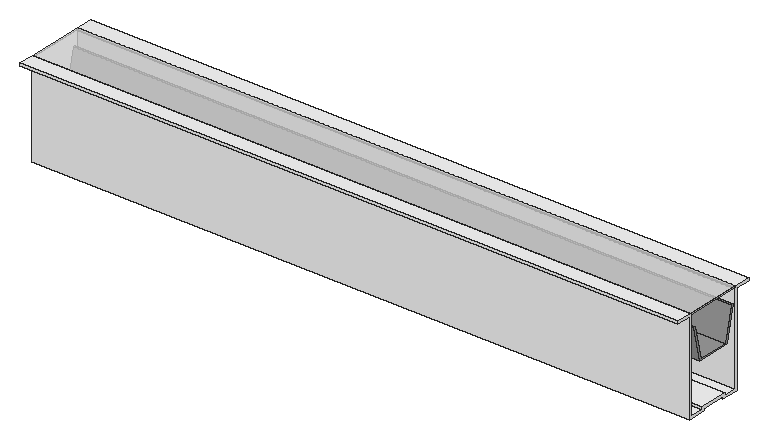
Revit family "2093161 Sylvania Lighting Fixture MC2 TRIM 0-6M 3K DALI WHT OPAL", category Lighting Fixtures, host Face, Revit 2016
Family settings
  Host = Face
  Part Type = Normal
  Round Connector Dimension = Use Diameter
  OmniClass Number = 23.80.70.11.17
  OmniClass Title = Specialized Lighting by Location or Use
  Cut with Voids When Loaded = No
  Light Source = Yes
  Shared = No
  Room Calculation Point = No
Parameters (values of type "2093161 MC2 TRIM 0.6M 3K DALI WHT OPAL")
  Width_SYL = 54.0 mm
  Weight = "1.5 kg"
  Wattage = 10 W
  WarrantyStartDate [instance] = "n/a"
  WarrantyGuarantorParts = "n/a"
  WarrantyDurationUnit = "n/a"
  WarrantyDurationParts = "n/a"
  WarrantyDescription = "n/a"
  built-in parameter 1150110 = 1 (stored number, unit not read)
  Voltage = 0 V
  URL = "http://www.sylvania-lighting.com"
  TypeName = "MC2 TRIM 0.6M 3K DALI WHT OPAL"
  built-in parameter 1114217 = 1 (stored number, unit not read)
  Tilt Angle = -90.00°
  built-in parameter 1150109 = 1 (stored number, unit not read)
  built-in parameter 1150134 = (empty or 0)
  built-in parameter 1150113 = 1 (stored number, unit not read)
  SerialNumber [instance] = "n/a"
  PowerFactor = 0.95
  PowerConsumption = "10 W"
  NominalWidth = 0.0 mm
  NominalLength = 600.0 mm
  NominalHeight = 86.0 mm
  Name = "MC2 TRIM 0.6M 3K DALI WHT OPAL"
  ModelReference = "MC2 TRIM 0.6M 3K DALI WHT OPAL"
  ModelNumber = "2093161"
  Material_3_SYL = Metal_Sylvania_Mini Contiuum II_Silver
  Photometric Web File = "2093161.ies"
  Material = "aluminium housing, polycarbonate diffuser"
  ManufacturerName = "Feilo Sylvania"
  LuminousEfficacy = "109 lm/W"
  LuminaireType = ""
  LightOutputRatio = "100"
  Length_SYL = 600.0 mm
  LampsType = Lamp  # "LED"
  LampNominalLuminous = "1085 lm"
  LampMacAdamStep = "3"
  LampColourTemperature = "3000 K"
  LampColourRenderingIndex = "80"
  Keynote = "16500"
  InstallationDate [instance] = "n/a"
  InputVoltage = "n/a"
  InputNominalFrequency = "n/a"
  IngressProtection = "IP20"
  ImpactProtectionIndex = "n/a"
  IfcExportType = "IfcLightFixtureType"
  IfcExportAs = "IfcLightFixtureType"
  Height_SYL = 86.0 mm
  ExpectedLife = 50000
  EndCapRight_SYL [instance] = no
  EndCapLeft_SYL [instance] = no
  Emit from Rectangle Width = Width_SYL - 2.0 mm  # 52.0 mm
  Emit from Rectangle Length = Length_SYL  # 600.0 mm
  Emit Shape Visible in Rendering = no
  ElectricShockClassification = "Class I"
  DurationUnit = "hours"
  DocumentationLiterature = "http://www.sylvania-lighting.com/product/en-int/products/2093161"
  DimmingControlOptions = "n/a"
  CreatedOn = "10/15/2018"
  CreatedBy = "@sylvania-lighting.com"
  built-in parameter 1114216 [instance] = 1 (stored number, unit not read)
  Model = "MC2 TRIM 0.6M 3K DALI WHT OPAL"
  Manufacturer = "Feilo Sylvania"  # constant formula
  built-in parameter 1150105 = 86.739 (stored number, unit not read)
  Lumens = 1090 lm
  built-in parameter 1150115 = 1 (stored number, unit not read)
  built-in parameter 1150137 = (empty or 0)
  built-in parameter 1150139 = (empty or 0)
  built-in parameter 1150112 = 1 (stored number, unit not read)
  built-in parameter 1150114 = 1 (stored number, unit not read)
  Lamp = "LED"
  built-in parameter 1150132 = 2
  built-in parameter 1150102 = (empty or 0)
  built-in parameter 1150107 = 3000 (stored number, unit not read)
  built-in parameter 1150138 = (empty or 0)
  built-in parameter 1150106 = 0.86739 (stored number, unit not read)
  Material_1_SYL = Metal_Sylvania_Mini Continuum II_White
  built-in parameter 1150104 = 10.126 (stored number, unit not read)
  Dimming Lamp Color Temperature Shift = <None>
  Material_2_SYL = Polycarbonate_Sylvania_Mini Continuum II_Opal_4000K
  Description = "Mini Continuum II introduces a uniquely clean, simple LED lighting system offering continuous, highly uniform lines of light across walls and ceilings. This highly versatile lighting tool can be recessed, semi-recessed, surface-mounted or suspended, either vertically or horizontally. Available as direct/indirect or direct only distribution - both of which can be interconnected. Every batten has a plug and socket arrangement for easy and rapid electrical installation. Mini Continuum II Direct is available in two versions: one with an outside trim detail for plasterboard ceilings; and a trimless version for when a seamless effect is required. Dimmable DALI versions and 3hr non-maintained integral emergency options are available as standard options"  # constant formula
  Default Elevation = 0.0 mm
  Color Filter = 16777215
  built-in parameter 1140040 [instance] = 1
  BarCode [instance] = "n/a"
  built-in parameter 1114218 = 1 (stored number, unit not read)
  built-in parameter 1150133 = 10 (stored number, unit not read)
  AssetType = "Fixed"
  AssetIdentifier [instance] = "n/a"
  Assembly Code = "D5020200"
  Apparent Load = 10 VA
Reference planes
  plane 1 "Center (Front/Back)": y = 0
  plane 2 "Bottom Fixtures": z = 0
  plane 3 "Center (Left/Right)": x = 0
  plane 4 "Fixture Left": x = -300
  plane 5 "Fixture Right": x = 300
  plane 6 "Fixture Bottom": z = 2
  plane 7: z = 0
  plane 8: z = -2
  plane 9: z = -11.049
  plane 10: z = -41.049
  plane 11 "Fixture Top": z = -84
  plane 12: y = 27
  plane 13: y = -27
  plane 14: y = -26
  plane 15: y = -25
  plane 16: y = 26
  plane 17: y = 25
  plane 18: y = 11
  plane 19: y = -11
  plane 20: y = 24
  plane 21: y = 22
  plane 22: y = -22
  plane 23: y = 15
  plane 24: y = -15
  plane 25: y = 40
  plane 26: y = -40
  plane 27: x = -302
  plane 28: x = 302
Forms (mm)
  Extrusion 1, solid, material "Metal_Sylvania_Mini Continuum II_White" <- "Material_1_SYL", detail levels fine
    sketch origin (0, 0, -84) x (0, 1, 0) y (0, 0, 1)
      loop
        line (27, 84) -> (40, 84) -> (40, 86) -> (26, 86) -> (26, 84) -> (25, 84) -> (25, 2) -> (13, 2) -> (13, 4) -> (-13, 4) -> (-13, 2) -> (-25, 2) -> (-25, 84) -> (-26, 84) -> (-26, 86) -> (-40, 86) -> (-40, 84) -> (-27, 84) -> (-27, 0) -> (-11, 0) -> (-11, 2) -> (11, 2) -> (11, 0) -> (27, 0) -> (27, 84)
    from -300 to 300
  Extrusion 2, solid, material "Polycarbonate_Sylvania_Mini Continuum II_Opal_4000K" <- "Material_2_SYL", detail levels fine
    sketch origin (0, 0, -84) x (0, 1, 0) y (0, 0, 1)
      loop
        line (-26, 86) -> (-26, 84) -> (26, 84) -> (26, 86) -> (-26, 86)
    from -300 to 300
  Extrusion 3, solid, material "Metal_Sylvania_Mini Contiuum II_Silver" <- "Material_3_SYL", detail levels fine
    sketch origin (0, 0, -84) x (0, 1, 0) y (0, 0, 1)
      loop
        line (22, 72.951) -> (20.973, 72.951) -> (14.206, 43.951) -> (-14.206, 43.951) -> (-20.973, 72.951) -> (-22, 72.951) -> (-15, 42.951) -> (15, 42.951) -> (22, 72.951)
    from -300 to 300
  Extrusion 4, solid, material "Metal_Sylvania_Mini Continuum II_White" <- "Material_1_SYL", detail levels coarse+medium
    sketch origin (0, 0, -84) x (0, 1, 0) y (0, 0, 1)
      loop
        line (-27, 86) -> (-27, 0) -> (27, 0) -> (27, 86) -> (-27, 86)
    from -300 to 300
  Extrusion 5, solid, material "Metal_Sylvania_Mini Continuum II_White" <- "Material_1_SYL", detail levels coarse+medium
    sketch origin (0, 0, -84) x (0, 1, 0) y (0, 0, 1)
      loop
        line (40, 86) -> (27, 86) -> (27, 84) -> (40, 84) -> (40, 86)
      loop
        line (-27, 86) -> (-40, 86) -> (-40, 84) -> (-27, 84) -> (-27, 86)
    from -300 to 300
  Extrusion 6, void
    sketch origin (0, 0, 0) x (0, 1, 0) y (0, 0, 1)
      loop
        line (27, 0) -> (-27, 0) -> (-27, -84) -> (27, -84) -> (27, 0)
    from -300 to 300
  Extrusion 7, solid, material "Metal_Sylvania_Mini Continuum II_White" <- "Material_1_SYL", visible <- "EndCapLeft_SYL"
    sketch origin (-300, 171.684, 1219.2) x (0, 1, 0) y (0, 0, 1)
      loop
        line (-198.684, -1219.2) -> (-198.684, -1303.2) -> (-144.684, -1303.2) -> (-144.684, -1219.2) -> (-131.684, -1219.2) -> (-131.684, -1217.2) -> (-211.684, -1217.2) -> (-211.684, -1219.2) -> (-198.684, -1219.2)
    from 0 to -2
  Extrusion 8, solid, material "Metal_Sylvania_Mini Continuum II_White" <- "Material_1_SYL", visible <- "EndCapRight_SYL"
    sketch origin (300, 171.684, 1219.2) x (0, 1, 0) y (0, 0, -1)
      loop
        line (-131.684, 1217.2) -> (-131.684, 1219.2) -> (-144.684, 1219.2) -> (-144.684, 1303.2) -> (-198.684, 1303.2) -> (-198.684, 1219.2) -> (-211.684, 1219.2) -> (-211.684, 1217.2) -> (-131.684, 1217.2)
    from 0 to -2
Lines and regions (mm)
  Masking region 1
    outline origin (0, 0, -86) x (-1, 0, 0) y (0, -1, 0)
      loop
        line (300, -40) -> (300, 40) -> (-300, 40) -> (-300, -40) -> (300, -40)
  symbolic lines, detail levels fine
    curve 1: line (-300, 27, -86) -> (300, 27, -86)
    curve 2: line (-300, -27, -86) -> (300, -27, -86)
Dimensions and locks
  host sketch curve to plane 3 "Center (Left/Right)" to host sketch curve = 1260.0 mm, 1259.41 mm
  equal spacing: plane 4 "Fixture Left", plane 3 "Center (Left/Right)", plane 5 "Fixture Right"
  "Length_SYL": plane 4 "Fixture Left" to plane 5 "Fixture Right"
  plane 6 "Fixture Bottom" to plane 7 to plane 8 to plane 9 to plane 10 = 2.0 mm locked, 2.0 mm locked, 9.049 mm locked, 30.0 mm locked
  locked: Extrusion 1 sketch curve to Extrusion 1 sketch curve at 2
  "Height_SYL": plane 6 "Fixture Bottom" to plane 11 "Fixture Top"
  equal spacing: plane 12, plane 1 "Center (Front/Back)", plane 13
  plane 19 to plane 24 to plane 22 to plane 15 to plane 14 to plane 13 to plane 26 = 4.0 mm locked, 7.0 mm locked, 3.0 mm locked, 1.0 mm locked, 1.0 mm locked, 13.0 mm locked
  plane 25 to plane 12 to plane 16 to plane 17 to plane 20 to plane 21 to plane 23 to plane 18 = 13.0 mm locked, 1.0 mm locked, 1.0 mm locked, 1.0 mm locked, 2.0 mm locked, 7.0 mm locked, 4.0 mm locked
  "Width_SYL": plane 12 to plane 13
  equal spacing: plane 27, plane 3 "Center (Left/Right)", plane 28
  locked: plane 27 to plane 4 "Fixture Left" at 2
  aligned and locked: plane 2 "Bottom Fixtures" to host face
  aligned and locked: level to host face
  aligned and locked: Extrusion 1 sketch curve to plane 7  (x2)
  aligned and locked: plane 6 "Fixture Bottom" to Extrusion 1 sketch curve  (x2)
  aligned and locked: plane 7 to Extrusion 1 sketch curve
  aligned and locked: Extrusion 1 to Extrusion 2 sketch curve
  aligned and locked: Extrusion 2 sketch curve to Extrusion 1  (x3)
  aligned and locked: Extrusion 3 sketch curve to plane 10
  aligned and locked: plane 9 to Extrusion 3 sketch curve
  aligned and locked: Extrusion 3 sketch curve to plane 9
  aligned and locked: Extrusion 4 sketch curve to plane 6 "Fixture Bottom"
  aligned and locked: Extrusion 5 sketch curve to Extrusion 1  (x6)
  aligned and locked: Extrusion 4 to Extrusion 5 sketch curve
  aligned and locked: Extrusion 5 sketch curve to Extrusion 4
  aligned and locked: Extrusion 1 to Extrusion 6 sketch curve
  aligned and locked: Extrusion 6 sketch curve to Extrusion 1
  aligned and locked: Extrusion 6 sketch curve to plane 11 "Fixture Top"
  aligned and locked: Extrusion 6 sketch curve to plane 13
  aligned and locked: Extrusion 6 to plane 5 "Fixture Right"
  aligned and locked: plane 6 "Fixture Bottom" to imposter light
  aligned and locked: Masking region 1 sketch curve to Extrusion 1  (x4)
  aligned and locked: plane 5 "Fixture Right" to curve 1
  aligned and locked: plane 4 "Fixture Left" to curve 1
  aligned and locked: plane 12 to curve 1
  aligned and locked: plane 4 "Fixture Left" to curve 2
  aligned and locked: plane 5 "Fixture Right" to curve 2
  aligned and locked: curve 2 to plane 13
  aligned and locked: Extrusion 4 to plane 5 "Fixture Right"
  aligned and locked: Extrusion 1 to plane 5 "Fixture Right"
  aligned and locked: Extrusion 3 to plane 5 "Fixture Right"
  aligned and locked: Extrusion 4 to plane 4 "Fixture Left"
  aligned and locked: Extrusion 1 to plane 4 "Fixture Left"
  aligned and locked: Extrusion 3 to plane 4 "Fixture Left"
  aligned and locked: Extrusion 2 to plane 5 "Fixture Right"
  aligned and locked: Extrusion 5 to plane 5 "Fixture Right"
  aligned and locked: Extrusion 5 to plane 4 "Fixture Left"
  aligned and locked: Extrusion 2 to plane 4 "Fixture Left"
  aligned and locked: Extrusion 6 to plane 4 "Fixture Left"
  aligned and locked: Extrusion 4 to Extrusion 7 sketch curve
  aligned and locked: Extrusion 7 sketch curve to Extrusion 4  (x2)
  aligned and locked: Extrusion 7 sketch curve to Extrusion 5  (x4)
  aligned and locked: plane 6 "Fixture Bottom" to Extrusion 7 sketch curve
  aligned and locked: Extrusion 7 to plane 27
  aligned and locked: plane 4 "Fixture Left" to Extrusion 7
  aligned and locked: Extrusion 8 sketch curve to Extrusion 7  (x8)
  aligned and locked: plane 28 to Extrusion 8
  aligned and locked: plane 5 "Fixture Right" to Extrusion 8
Automatic sketch dimensions
  host sketch curve to host sketch curve = 1047.463 mm
  Extrusion 1 sketch curve to plane 26 = 0.0 mm
  Extrusion 1 sketch curve to plane 13 = 0.0 mm
  Extrusion 1 sketch curve to plane 14 = 0.0 mm
  Extrusion 1 sketch curve to plane 15 = 0.0 mm
  Extrusion 1 sketch curve to plane 19 = 0.0 mm
  Extrusion 1 sketch curve to plane 18 = 0.0 mm
  Extrusion 1 sketch curve to plane 17 = 0.0 mm
  Extrusion 1 sketch curve to plane 16 = 0.0 mm
  Extrusion 1 sketch curve to level = 0.0 mm
  Extrusion 1 sketch curve to plane 12 = 0.0 mm
  Extrusion 1 sketch curve to plane 25 = 0.0 mm
  Extrusion 1 sketch curve to plane 11 "Fixture Top" = 0.0 mm  (x2)
  Extrusion 1 sketch curve to plane 19 = 2.0 mm
  Extrusion 1 sketch curve to plane 18 = 2.0 mm
  plane 11 "Fixture Top" to Extrusion 1 sketch curve = 2.0 mm  (x3)
  Extrusion 3 sketch curve to plane 22 = 0.0 mm
  Extrusion 3 sketch curve to plane 24 = 0.0 mm
  Extrusion 3 sketch curve to plane 23 = 0.0 mm
  Extrusion 3 sketch curve to plane 21 = 0.0 mm
  plane 10 to Extrusion 3 sketch curve = 1.0 mm
  Extrusion 3 sketch curve to Extrusion 3 sketch curve = 1.027 mm  (x2)
  plane 24 to Extrusion 3 sketch curve = 0.794 mm
  plane 23 to Extrusion 3 sketch curve = 0.794 mm
  Extrusion 4 sketch curve to plane 11 "Fixture Top" = 0.0 mm
  Extrusion 4 sketch curve to plane 13 = 0.0 mm
  Extrusion 4 sketch curve to plane 12 = 0.0 mm
Connectors
  electrical at (-300, 0, 0), driven by "Apparent Load"
    settings: index 1, voltage 230 V, apparent load 0 VA, apparent load phase1 10 VA, apparent load phase2 0 VA, apparent load phase3 0 VA, power factor 1, load classification "Lighting", number of poles 1, system type 31, power factor state 1, is connector primary yes, connector utility no, sub classification motor no, connector description ""
